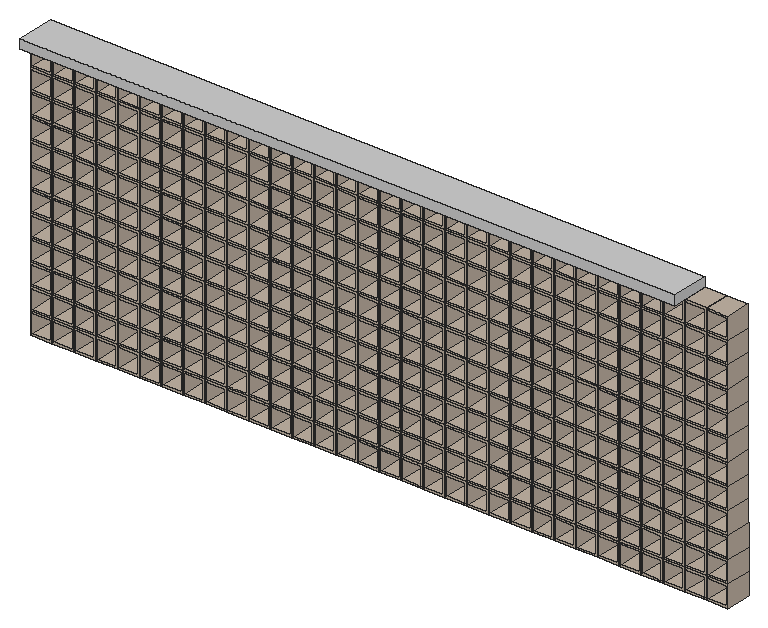
Revit family "GNW_A3-6400mm-Air-Bricks", category Windows, host Wall, Revit 2016
Family settings
  Host = Wall
  Always vertical = Yes
  Cut with Voids When Loaded = No
  Shared = No
  Room Calculation Point = No
Parameters (values of type "6400mm Air Bricks")
  Height = 2485 mm
  Default Sill Height = 85 mm
  Wall Closure = By host
  Width = 6400 mm
  Construction Type = "AB09"
  Assembly Code = ""
Reference planes
  plane 1: y = 0
  plane 2 "Center (Left/Right)": x = 0
  plane 3 "Left": x = -3200
  plane 4 "Right": x = 3200
  plane 5 "Sill": z = 85
  plane 6 "Head": z = 2570
  plane 7 "Exterior": y = 172.5
  plane 8 "Interior": y = -172.5
Forms (mm)
  Extrusion 1, solid, material "Concrete - Cast In Situ"
    sketch origin (-3200, 0, 0) x (0, -1, 0) y (0, 0, 1)
      loop
        line (-172.5, 2570) -> (-172.5, 2485) -> (172.5, 2485) -> (172.5, 2570) -> (-172.5, 2570)
    from -6000 to 0
Lines and regions (mm)
  Opening 1
    outline origin (3500, -172.5, 0) x (1, 0, 0) y (0, 0, 1)
      loop
        line (-300, 85) -> (-300, 2570) -> (-6700, 2570) -> (-6700, 85) -> (-300, 85)
Text (mm)
  text "EXTERIOR" at (-1963.203, 1332.353, 0), in view "Ref. Level"
  text "INTERIOR" at (-1981.466, -818.386, 0), in view "Ref. Level"
  text "Exterior" at (0, 923.751, 2943.296), in view "Right"
  text "Exterior" at (0, 1040.484, 2685.409), in view "Left"
Dimensions and locks
  equal spacing: plane 3 "Left", plane 2 "Center (Left/Right)", plane 4 "Right"
  "Width": plane 3 "Left" to plane 4 "Right"
  "Height": plane 5 "Sill" to plane 6 "Head"
  "Default Sill Height": plane 5 "Sill" to level
  locked: plane 7 "Exterior" to host wall at 0
  locked: plane 8 "Interior" to host wall
  aligned: Extrusion 1 to host wall  (x2)
Automatic sketch dimensions
  Opening 1 sketch curve to plane 3 "Left" = 0 mm
  Opening 1 sketch curve to plane 4 "Right" = 0 mm
  Opening 1 sketch curve to plane 5 "Sill" = 0 mm
  Opening 1 sketch curve to plane 6 "Head" = 0 mm
  Extrusion 1 sketch curve to host wall = 0 mm  (x2)
  Extrusion 1 sketch curve to plane 6 "Head" = 0 mm
  plane 6 "Head" to Extrusion 1 sketch curve = 85 mm
Nested families
  nested 1: "Air Brick" at (-3000, 172.5, 85), type "Air Brick"
  nested 2: "Air Brick" at (-2800, 172.5, 85), type "Air Brick"
  nested 3: "Air Brick" at (-2600, 172.5, 85), type "Air Brick"
  nested 4: "Air Brick" at (-2400, 172.5, 85), type "Air Brick"
  nested 5: "Air Brick" at (-2200, 172.5, 85), type "Air Brick"
  nested 6: "Air Brick" at (-2000, 172.5, 85), type "Air Brick"
  nested 7: "Air Brick" at (-1800, 172.5, 85), type "Air Brick"
  nested 8: "Air Brick" at (-1600, 172.5, 85), type "Air Brick"
  nested 9: "Air Brick" at (-1400, 172.5, 85), type "Air Brick"
  nested 10: "Air Brick" at (-1200, 172.5, 85), type "Air Brick"
  nested 11: "Air Brick" at (-1000, 172.5, 85), type "Air Brick"
  nested 12: "Air Brick" at (-800, 172.5, 85), type "Air Brick"
  nested 13: "Air Brick" at (-600, 172.5, 85), type "Air Brick"
  nested 14: "Air Brick" at (-200, 172.5, 85), type "Air Brick"
  nested 15: "Air Brick" at (0, 172.5, 85), type "Air Brick"
  nested 16: "Air Brick" at (200, 172.5, 85), type "Air Brick"
  nested 17: "Air Brick" at (400, 172.5, 85), type "Air Brick"
  nested 18: "Air Brick" at (600, 172.5, 85), type "Air Brick"
  nested 19: "Air Brick" at (800, 172.5, 85), type "Air Brick"
  nested 20: "Air Brick" at (1000, 172.5, 85), type "Air Brick"
  nested 21: "Air Brick" at (1200, 172.5, 85), type "Air Brick"
  nested 22: "Air Brick" at (1400, 172.5, 85), type "Air Brick"
  nested 23: "Air Brick" at (1600, 172.5, 85), type "Air Brick"
  nested 24: "Air Brick" at (1800, 172.5, 85), type "Air Brick"
  nested 25: "Air Brick" at (2000, 172.5, 85), type "Air Brick"
  nested 26: "Air Brick" at (-400, 172.5, 85), type "Air Brick"
  nested 27: "Air Brick" at (2200, 172.5, 85), type "Air Brick"
  nested 28: "Air Brick" at (2400, 172.5, 85), type "Air Brick"
  nested 29: "Air Brick" at (2600, 172.5, 85), type "Air Brick"
  nested 30: "Air Brick" at (2800, 172.5, 85), type "Air Brick"
  nested 31: "Air Brick" at (-3000, 172.5, 285), type "Air Brick"
  nested 32: "Air Brick" at (-2800, 172.5, 285), type "Air Brick"
  nested 33: "Air Brick" at (-2600, 172.5, 285), type "Air Brick"
  nested 34: "Air Brick" at (-2400, 172.5, 285), type "Air Brick"
  nested 35: "Air Brick" at (-2200, 172.5, 285), type "Air Brick"
  nested 36: "Air Brick" at (-2000, 172.5, 285), type "Air Brick"
  nested 37: "Air Brick" at (-1800, 172.5, 285), type "Air Brick"
  nested 38: "Air Brick" at (-1600, 172.5, 285), type "Air Brick"
  nested 39: "Air Brick" at (-1400, 172.5, 285), type "Air Brick"
  nested 40: "Air Brick" at (-1200, 172.5, 285), type "Air Brick"
  nested 41: "Air Brick" at (-1000, 172.5, 285), type "Air Brick"
  nested 42: "Air Brick" at (-800, 172.5, 285), type "Air Brick"
  nested 43: "Air Brick" at (-600, 172.5, 285), type "Air Brick"
  nested 44: "Air Brick" at (-200, 172.5, 285), type "Air Brick"
  nested 45: "Air Brick" at (0, 172.5, 285), type "Air Brick"
  nested 46: "Air Brick" at (200, 172.5, 285), type "Air Brick"
  nested 47: "Air Brick" at (400, 172.5, 285), type "Air Brick"
  nested 48: "Air Brick" at (600, 172.5, 285), type "Air Brick"
  nested 49: "Air Brick" at (800, 172.5, 285), type "Air Brick"
  nested 50: "Air Brick" at (1000, 172.5, 285), type "Air Brick"
  nested 51: "Air Brick" at (1200, 172.5, 285), type "Air Brick"
  nested 52: "Air Brick" at (1400, 172.5, 285), type "Air Brick"
  nested 53: "Air Brick" at (1600, 172.5, 285), type "Air Brick"
  nested 54: "Air Brick" at (1800, 172.5, 285), type "Air Brick"
  nested 55: "Air Brick" at (2000, 172.5, 285), type "Air Brick"
  nested 56: "Air Brick" at (-400, 172.5, 285), type "Air Brick"
  nested 57: "Air Brick" at (2200, 172.5, 285), type "Air Brick"
  nested 58: "Air Brick" at (2400, 172.5, 285), type "Air Brick"
  nested 59: "Air Brick" at (2600, 172.5, 285), type "Air Brick"
  nested 60: "Air Brick" at (2800, 172.5, 285), type "Air Brick"
  nested 61: "Air Brick" at (-3000, 172.5, 485), type "Air Brick"
  nested 62: "Air Brick" at (-2800, 172.5, 485), type "Air Brick"
  nested 63: "Air Brick" at (-2600, 172.5, 485), type "Air Brick"
  nested 64: "Air Brick" at (-2400, 172.5, 485), type "Air Brick"
  nested 65: "Air Brick" at (-2200, 172.5, 485), type "Air Brick"
  nested 66: "Air Brick" at (-2000, 172.5, 485), type "Air Brick"
  nested 67: "Air Brick" at (-1800, 172.5, 485), type "Air Brick"
  nested 68: "Air Brick" at (-1600, 172.5, 485), type "Air Brick"
  nested 69: "Air Brick" at (-1400, 172.5, 485), type "Air Brick"
  nested 70: "Air Brick" at (-1200, 172.5, 485), type "Air Brick"
  nested 71: "Air Brick" at (-1000, 172.5, 485), type "Air Brick"
  nested 72: "Air Brick" at (-800, 172.5, 485), type "Air Brick"
  nested 73: "Air Brick" at (-600, 172.5, 485), type "Air Brick"
  nested 74: "Air Brick" at (-200, 172.5, 485), type "Air Brick"
  nested 75: "Air Brick" at (0, 172.5, 485), type "Air Brick"
  nested 76: "Air Brick" at (200, 172.5, 485), type "Air Brick"
  nested 77: "Air Brick" at (400, 172.5, 485), type "Air Brick"
  nested 78: "Air Brick" at (600, 172.5, 485), type "Air Brick"
  nested 79: "Air Brick" at (800, 172.5, 485), type "Air Brick"
  nested 80: "Air Brick" at (1000, 172.5, 485), type "Air Brick"
  nested 81: "Air Brick" at (1200, 172.5, 485), type "Air Brick"
  nested 82: "Air Brick" at (1400, 172.5, 485), type "Air Brick"
  nested 83: "Air Brick" at (1600, 172.5, 485), type "Air Brick"
  nested 84: "Air Brick" at (1800, 172.5, 485), type "Air Brick"
  nested 85: "Air Brick" at (2000, 172.5, 485), type "Air Brick"
  nested 86: "Air Brick" at (-400, 172.5, 485), type "Air Brick"
  nested 87: "Air Brick" at (2200, 172.5, 485), type "Air Brick"
  nested 88: "Air Brick" at (2400, 172.5, 485), type "Air Brick"
  nested 89: "Air Brick" at (2600, 172.5, 485), type "Air Brick"
  nested 90: "Air Brick" at (2800, 172.5, 485), type "Air Brick"
  nested 91: "Air Brick" at (-3000, 172.5, 685), type "Air Brick"
  nested 92: "Air Brick" at (-2800, 172.5, 685), type "Air Brick"
  nested 93: "Air Brick" at (-2600, 172.5, 685), type "Air Brick"
  nested 94: "Air Brick" at (-2400, 172.5, 685), type "Air Brick"
  nested 95: "Air Brick" at (-2200, 172.5, 685), type "Air Brick"
  nested 96: "Air Brick" at (-2000, 172.5, 685), type "Air Brick"
  nested 97: "Air Brick" at (-1800, 172.5, 685), type "Air Brick"
  nested 98: "Air Brick" at (-1600, 172.5, 685), type "Air Brick"
  nested 99: "Air Brick" at (-1400, 172.5, 685), type "Air Brick"
  nested 100: "Air Brick" at (-1200, 172.5, 685), type "Air Brick"
  nested 101: "Air Brick" at (-1000, 172.5, 685), type "Air Brick"
  nested 102: "Air Brick" at (-800, 172.5, 685), type "Air Brick"
  nested 103: "Air Brick" at (-600, 172.5, 685), type "Air Brick"
  nested 104: "Air Brick" at (-200, 172.5, 685), type "Air Brick"
  nested 105: "Air Brick" at (0, 172.5, 685), type "Air Brick"
  nested 106: "Air Brick" at (200, 172.5, 685), type "Air Brick"
  nested 107: "Air Brick" at (400, 172.5, 685), type "Air Brick"
  nested 108: "Air Brick" at (600, 172.5, 685), type "Air Brick"
  nested 109: "Air Brick" at (800, 172.5, 685), type "Air Brick"
  nested 110: "Air Brick" at (1000, 172.5, 685), type "Air Brick"
  nested 111: "Air Brick" at (1200, 172.5, 685), type "Air Brick"
  nested 112: "Air Brick" at (1400, 172.5, 685), type "Air Brick"
  nested 113: "Air Brick" at (1600, 172.5, 685), type "Air Brick"
  nested 114: "Air Brick" at (1800, 172.5, 685), type "Air Brick"
  nested 115: "Air Brick" at (2000, 172.5, 685), type "Air Brick"
  nested 116: "Air Brick" at (-400, 172.5, 685), type "Air Brick"
  nested 117: "Air Brick" at (2200, 172.5, 685), type "Air Brick"
  nested 118: "Air Brick" at (2400, 172.5, 685), type "Air Brick"
  nested 119: "Air Brick" at (2600, 172.5, 685), type "Air Brick"
  nested 120: "Air Brick" at (2800, 172.5, 685), type "Air Brick"
  nested 121: "Air Brick" at (-3000, 172.5, 885), type "Air Brick"
  nested 122: "Air Brick" at (-2800, 172.5, 885), type "Air Brick"
  nested 123: "Air Brick" at (-2600, 172.5, 885), type "Air Brick"
  nested 124: "Air Brick" at (-2400, 172.5, 885), type "Air Brick"
  nested 125: "Air Brick" at (-2200, 172.5, 885), type "Air Brick"
  nested 126: "Air Brick" at (-2000, 172.5, 885), type "Air Brick"
  nested 127: "Air Brick" at (-1800, 172.5, 885), type "Air Brick"
  nested 128: "Air Brick" at (-1600, 172.5, 885), type "Air Brick"
  nested 129: "Air Brick" at (-1400, 172.5, 885), type "Air Brick"
  nested 130: "Air Brick" at (-1200, 172.5, 885), type "Air Brick"
  nested 131: "Air Brick" at (-1000, 172.5, 885), type "Air Brick"
  nested 132: "Air Brick" at (-800, 172.5, 885), type "Air Brick"
  nested 133: "Air Brick" at (-600, 172.5, 885), type "Air Brick"
  nested 134: "Air Brick" at (-200, 172.5, 885), type "Air Brick"
  nested 135: "Air Brick" at (0, 172.5, 885), type "Air Brick"
  nested 136: "Air Brick" at (200, 172.5, 885), type "Air Brick"
  nested 137: "Air Brick" at (400, 172.5, 885), type "Air Brick"
  nested 138: "Air Brick" at (600, 172.5, 885), type "Air Brick"
  nested 139: "Air Brick" at (800, 172.5, 885), type "Air Brick"
  nested 140: "Air Brick" at (1000, 172.5, 885), type "Air Brick"
  nested 141: "Air Brick" at (1200, 172.5, 885), type "Air Brick"
  nested 142: "Air Brick" at (1400, 172.5, 885), type "Air Brick"
  nested 143: "Air Brick" at (1600, 172.5, 885), type "Air Brick"
  nested 144: "Air Brick" at (1800, 172.5, 885), type "Air Brick"
  nested 145: "Air Brick" at (2000, 172.5, 885), type "Air Brick"
  nested 146: "Air Brick" at (-400, 172.5, 885), type "Air Brick"
  nested 147: "Air Brick" at (2200, 172.5, 885), type "Air Brick"
  nested 148: "Air Brick" at (2400, 172.5, 885), type "Air Brick"
  nested 149: "Air Brick" at (2600, 172.5, 885), type "Air Brick"
  nested 150: "Air Brick" at (2800, 172.5, 885), type "Air Brick"
  nested 151: "Air Brick" at (-3000, 172.5, 1085), type "Air Brick"
  nested 152: "Air Brick" at (-2800, 172.5, 1085), type "Air Brick"
  nested 153: "Air Brick" at (-2600, 172.5, 1085), type "Air Brick"
  nested 154: "Air Brick" at (-2400, 172.5, 1085), type "Air Brick"
  nested 155: "Air Brick" at (-2200, 172.5, 1085), type "Air Brick"
  nested 156: "Air Brick" at (-2000, 172.5, 1085), type "Air Brick"
  nested 157: "Air Brick" at (-1800, 172.5, 1085), type "Air Brick"
  nested 158: "Air Brick" at (-1600, 172.5, 1085), type "Air Brick"
  nested 159: "Air Brick" at (-1400, 172.5, 1085), type "Air Brick"
  nested 160: "Air Brick" at (-1200, 172.5, 1085), type "Air Brick"
  nested 161: "Air Brick" at (-1000, 172.5, 1085), type "Air Brick"
  nested 162: "Air Brick" at (-800, 172.5, 1085), type "Air Brick"
  nested 163: "Air Brick" at (-600, 172.5, 1085), type "Air Brick"
  nested 164: "Air Brick" at (-200, 172.5, 1085), type "Air Brick"
  nested 165: "Air Brick" at (0, 172.5, 1085), type "Air Brick"
  nested 166: "Air Brick" at (200, 172.5, 1085), type "Air Brick"
  nested 167: "Air Brick" at (400, 172.5, 1085), type "Air Brick"
  nested 168: "Air Brick" at (600, 172.5, 1085), type "Air Brick"
  nested 169: "Air Brick" at (800, 172.5, 1085), type "Air Brick"
  nested 170: "Air Brick" at (1000, 172.5, 1085), type "Air Brick"
  nested 171: "Air Brick" at (1200, 172.5, 1085), type "Air Brick"
  nested 172: "Air Brick" at (1400, 172.5, 1085), type "Air Brick"
  nested 173: "Air Brick" at (1600, 172.5, 1085), type "Air Brick"
  nested 174: "Air Brick" at (1800, 172.5, 1085), type "Air Brick"
  nested 175: "Air Brick" at (2000, 172.5, 1085), type "Air Brick"
  nested 176: "Air Brick" at (-400, 172.5, 1085), type "Air Brick"
  nested 177: "Air Brick" at (2200, 172.5, 1085), type "Air Brick"
  nested 178: "Air Brick" at (2400, 172.5, 1085), type "Air Brick"
  nested 179: "Air Brick" at (2600, 172.5, 1085), type "Air Brick"
  nested 180: "Air Brick" at (2800, 172.5, 1085), type "Air Brick"
  nested 181: "Air Brick" at (-3000, 172.5, 1285), type "Air Brick"
  nested 182: "Air Brick" at (-2800, 172.5, 1285), type "Air Brick"
  nested 183: "Air Brick" at (-2600, 172.5, 1285), type "Air Brick"
  nested 184: "Air Brick" at (-2400, 172.5, 1285), type "Air Brick"
  nested 185: "Air Brick" at (-2200, 172.5, 1285), type "Air Brick"
  nested 186: "Air Brick" at (-2000, 172.5, 1285), type "Air Brick"
  nested 187: "Air Brick" at (-1800, 172.5, 1285), type "Air Brick"
  nested 188: "Air Brick" at (-1600, 172.5, 1285), type "Air Brick"
  nested 189: "Air Brick" at (-1400, 172.5, 1285), type "Air Brick"
  nested 190: "Air Brick" at (-1200, 172.5, 1285), type "Air Brick"
  nested 191: "Air Brick" at (-1000, 172.5, 1285), type "Air Brick"
  nested 192: "Air Brick" at (-800, 172.5, 1285), type "Air Brick"
  nested 193: "Air Brick" at (-600, 172.5, 1285), type "Air Brick"
  nested 194: "Air Brick" at (-200, 172.5, 1285), type "Air Brick"
  nested 195: "Air Brick" at (0, 172.5, 1285), type "Air Brick"
  nested 196: "Air Brick" at (200, 172.5, 1285), type "Air Brick"
  nested 197: "Air Brick" at (400, 172.5, 1285), type "Air Brick"
  nested 198: "Air Brick" at (600, 172.5, 1285), type "Air Brick"
  nested 199: "Air Brick" at (800, 172.5, 1285), type "Air Brick"
  nested 200: "Air Brick" at (1000, 172.5, 1285), type "Air Brick"
  nested 201: "Air Brick" at (1200, 172.5, 1285), type "Air Brick"
  nested 202: "Air Brick" at (1400, 172.5, 1285), type "Air Brick"
  nested 203: "Air Brick" at (1600, 172.5, 1285), type "Air Brick"
  nested 204: "Air Brick" at (1800, 172.5, 1285), type "Air Brick"
  nested 205: "Air Brick" at (2000, 172.5, 1285), type "Air Brick"
  nested 206: "Air Brick" at (-400, 172.5, 1285), type "Air Brick"
  nested 207: "Air Brick" at (2200, 172.5, 1285), type "Air Brick"
  nested 208: "Air Brick" at (2400, 172.5, 1285), type "Air Brick"
  nested 209: "Air Brick" at (2600, 172.5, 1285), type "Air Brick"
  nested 210: "Air Brick" at (2800, 172.5, 1285), type "Air Brick"
  nested 211: "Air Brick" at (-3000, 172.5, 1485), type "Air Brick"
  nested 212: "Air Brick" at (-2800, 172.5, 1485), type "Air Brick"
  nested 213: "Air Brick" at (-2600, 172.5, 1485), type "Air Brick"
  nested 214: "Air Brick" at (-2400, 172.5, 1485), type "Air Brick"
  nested 215: "Air Brick" at (-2200, 172.5, 1485), type "Air Brick"
  nested 216: "Air Brick" at (-2000, 172.5, 1485), type "Air Brick"
  nested 217: "Air Brick" at (-1800, 172.5, 1485), type "Air Brick"
  nested 218: "Air Brick" at (-1600, 172.5, 1485), type "Air Brick"
  nested 219: "Air Brick" at (-1400, 172.5, 1485), type "Air Brick"
  nested 220: "Air Brick" at (-1200, 172.5, 1485), type "Air Brick"
  nested 221: "Air Brick" at (-1000, 172.5, 1485), type "Air Brick"
  nested 222: "Air Brick" at (-800, 172.5, 1485), type "Air Brick"
  nested 223: "Air Brick" at (-600, 172.5, 1485), type "Air Brick"
  nested 224: "Air Brick" at (-200, 172.5, 1485), type "Air Brick"
  nested 225: "Air Brick" at (0, 172.5, 1485), type "Air Brick"
  nested 226: "Air Brick" at (200, 172.5, 1485), type "Air Brick"
  nested 227: "Air Brick" at (400, 172.5, 1485), type "Air Brick"
  nested 228: "Air Brick" at (600, 172.5, 1485), type "Air Brick"
  nested 229: "Air Brick" at (800, 172.5, 1485), type "Air Brick"
  nested 230: "Air Brick" at (1000, 172.5, 1485), type "Air Brick"
  nested 231: "Air Brick" at (1200, 172.5, 1485), type "Air Brick"
  nested 232: "Air Brick" at (1400, 172.5, 1485), type "Air Brick"
  nested 233: "Air Brick" at (1600, 172.5, 1485), type "Air Brick"
  nested 234: "Air Brick" at (1800, 172.5, 1485), type "Air Brick"
  nested 235: "Air Brick" at (2000, 172.5, 1485), type "Air Brick"
  nested 236: "Air Brick" at (-400, 172.5, 1485), type "Air Brick"
  nested 237: "Air Brick" at (2200, 172.5, 1485), type "Air Brick"
  nested 238: "Air Brick" at (2400, 172.5, 1485), type "Air Brick"
  nested 239: "Air Brick" at (2600, 172.5, 1485), type "Air Brick"
  nested 240: "Air Brick" at (2800, 172.5, 1485), type "Air Brick"
  nested 241: "Air Brick" at (-3000, 172.5, 1685), type "Air Brick"
  nested 242: "Air Brick" at (-2800, 172.5, 1685), type "Air Brick"
  nested 243: "Air Brick" at (-2600, 172.5, 1685), type "Air Brick"
  nested 244: "Air Brick" at (-2400, 172.5, 1685), type "Air Brick"
  nested 245: "Air Brick" at (-2200, 172.5, 1685), type "Air Brick"
  nested 246: "Air Brick" at (-2000, 172.5, 1685), type "Air Brick"
  nested 247: "Air Brick" at (-1800, 172.5, 1685), type "Air Brick"
  nested 248: "Air Brick" at (-1600, 172.5, 1685), type "Air Brick"
  nested 249: "Air Brick" at (-1400, 172.5, 1685), type "Air Brick"
  nested 250: "Air Brick" at (-1200, 172.5, 1685), type "Air Brick"
  nested 251: "Air Brick" at (-1000, 172.5, 1685), type "Air Brick"
  nested 252: "Air Brick" at (-800, 172.5, 1685), type "Air Brick"
  nested 253: "Air Brick" at (-600, 172.5, 1685), type "Air Brick"
  nested 254: "Air Brick" at (-200, 172.5, 1685), type "Air Brick"
  nested 255: "Air Brick" at (0, 172.5, 1685), type "Air Brick"
  nested 256: "Air Brick" at (200, 172.5, 1685), type "Air Brick"
  nested 257: "Air Brick" at (400, 172.5, 1685), type "Air Brick"
  nested 258: "Air Brick" at (600, 172.5, 1685), type "Air Brick"
  nested 259: "Air Brick" at (800, 172.5, 1685), type "Air Brick"
  nested 260: "Air Brick" at (1000, 172.5, 1685), type "Air Brick"
  nested 261: "Air Brick" at (1200, 172.5, 1685), type "Air Brick"
  nested 262: "Air Brick" at (1400, 172.5, 1685), type "Air Brick"
  nested 263: "Air Brick" at (1600, 172.5, 1685), type "Air Brick"
  nested 264: "Air Brick" at (1800, 172.5, 1685), type "Air Brick"
  nested 265: "Air Brick" at (2000, 172.5, 1685), type "Air Brick"
  nested 266: "Air Brick" at (-400, 172.5, 1685), type "Air Brick"
  nested 267: "Air Brick" at (2200, 172.5, 1685), type "Air Brick"
  nested 268: "Air Brick" at (2400, 172.5, 1685), type "Air Brick"
  nested 269: "Air Brick" at (2600, 172.5, 1685), type "Air Brick"
  nested 270: "Air Brick" at (2800, 172.5, 1685), type "Air Brick"
  nested 271: "Air Brick" at (-3000, 172.5, 1885), type "Air Brick"
  nested 272: "Air Brick" at (-2800, 172.5, 1885), type "Air Brick"
  nested 273: "Air Brick" at (-2600, 172.5, 1885), type "Air Brick"
  nested 274: "Air Brick" at (-2400, 172.5, 1885), type "Air Brick"
  nested 275: "Air Brick" at (-2200, 172.5, 1885), type "Air Brick"
  nested 276: "Air Brick" at (-2000, 172.5, 1885), type "Air Brick"
  nested 277: "Air Brick" at (-1800, 172.5, 1885), type "Air Brick"
  nested 278: "Air Brick" at (-1600, 172.5, 1885), type "Air Brick"
  nested 279: "Air Brick" at (-1400, 172.5, 1885), type "Air Brick"
  nested 280: "Air Brick" at (-1200, 172.5, 1885), type "Air Brick"
  nested 281: "Air Brick" at (-1000, 172.5, 1885), type "Air Brick"
  nested 282: "Air Brick" at (-800, 172.5, 1885), type "Air Brick"
  nested 283: "Air Brick" at (-600, 172.5, 1885), type "Air Brick"
  nested 284: "Air Brick" at (-200, 172.5, 1885), type "Air Brick"
  nested 285: "Air Brick" at (0, 172.5, 1885), type "Air Brick"
  nested 286: "Air Brick" at (200, 172.5, 1885), type "Air Brick"
  nested 287: "Air Brick" at (400, 172.5, 1885), type "Air Brick"
  nested 288: "Air Brick" at (600, 172.5, 1885), type "Air Brick"
  nested 289: "Air Brick" at (800, 172.5, 1885), type "Air Brick"
  nested 290: "Air Brick" at (1000, 172.5, 1885), type "Air Brick"
  nested 291: "Air Brick" at (1200, 172.5, 1885), type "Air Brick"
  nested 292: "Air Brick" at (1400, 172.5, 1885), type "Air Brick"
  nested 293: "Air Brick" at (1600, 172.5, 1885), type "Air Brick"
  nested 294: "Air Brick" at (1800, 172.5, 1885), type "Air Brick"
  nested 295: "Air Brick" at (2000, 172.5, 1885), type "Air Brick"
  nested 296: "Air Brick" at (-400, 172.5, 1885), type "Air Brick"
  nested 297: "Air Brick" at (2200, 172.5, 1885), type "Air Brick"
  nested 298: "Air Brick" at (2400, 172.5, 1885), type "Air Brick"
  nested 299: "Air Brick" at (2600, 172.5, 1885), type "Air Brick"
  nested 300: "Air Brick" at (2800, 172.5, 1885), type "Air Brick"
  nested 301: "Air Brick" at (-3000, 172.5, 2085), type "Air Brick"
  nested 302: "Air Brick" at (-2800, 172.5, 2085), type "Air Brick"
  nested 303: "Air Brick" at (-2600, 172.5, 2085), type "Air Brick"
  nested 304: "Air Brick" at (-2400, 172.5, 2085), type "Air Brick"
  nested 305: "Air Brick" at (-2200, 172.5, 2085), type "Air Brick"
  nested 306: "Air Brick" at (-2000, 172.5, 2085), type "Air Brick"
  nested 307: "Air Brick" at (-1800, 172.5, 2085), type "Air Brick"
  nested 308: "Air Brick" at (-1600, 172.5, 2085), type "Air Brick"
  nested 309: "Air Brick" at (-1400, 172.5, 2085), type "Air Brick"
  nested 310: "Air Brick" at (-1200, 172.5, 2085), type "Air Brick"
  nested 311: "Air Brick" at (-1000, 172.5, 2085), type "Air Brick"
  nested 312: "Air Brick" at (-800, 172.5, 2085), type "Air Brick"
  nested 313: "Air Brick" at (-600, 172.5, 2085), type "Air Brick"
  nested 314: "Air Brick" at (-200, 172.5, 2085), type "Air Brick"
  nested 315: "Air Brick" at (0, 172.5, 2085), type "Air Brick"
  nested 316: "Air Brick" at (200, 172.5, 2085), type "Air Brick"
  nested 317: "Air Brick" at (400, 172.5, 2085), type "Air Brick"
  nested 318: "Air Brick" at (600, 172.5, 2085), type "Air Brick"
  nested 319: "Air Brick" at (800, 172.5, 2085), type "Air Brick"
  nested 320: "Air Brick" at (1000, 172.5, 2085), type "Air Brick"
  nested 321: "Air Brick" at (1200, 172.5, 2085), type "Air Brick"
  nested 322: "Air Brick" at (1400, 172.5, 2085), type "Air Brick"
  nested 323: "Air Brick" at (1600, 172.5, 2085), type "Air Brick"
  nested 324: "Air Brick" at (1800, 172.5, 2085), type "Air Brick"
  nested 325: "Air Brick" at (2000, 172.5, 2085), type "Air Brick"
  nested 326: "Air Brick" at (-400, 172.5, 2085), type "Air Brick"
  nested 327: "Air Brick" at (2200, 172.5, 2085), type "Air Brick"
  nested 328: "Air Brick" at (2400, 172.5, 2085), type "Air Brick"
  nested 329: "Air Brick" at (2600, 172.5, 2085), type "Air Brick"
  nested 330: "Air Brick" at (2800, 172.5, 2085), type "Air Brick"
  nested 331: "Air Brick" at (-3000, 172.5, 2285), type "Air Brick"
  nested 332: "Air Brick" at (-2800, 172.5, 2285), type "Air Brick"
  nested 333: "Air Brick" at (-2600, 172.5, 2285), type "Air Brick"
  nested 334: "Air Brick" at (-2400, 172.5, 2285), type "Air Brick"
  nested 335: "Air Brick" at (-2200, 172.5, 2285), type "Air Brick"
  nested 336: "Air Brick" at (-2000, 172.5, 2285), type "Air Brick"
  nested 337: "Air Brick" at (-1800, 172.5, 2285), type "Air Brick"
  nested 338: "Air Brick" at (-1600, 172.5, 2285), type "Air Brick"
  nested 339: "Air Brick" at (-1400, 172.5, 2285), type "Air Brick"
  nested 340: "Air Brick" at (-1200, 172.5, 2285), type "Air Brick"
  nested 341: "Air Brick" at (-1000, 172.5, 2285), type "Air Brick"
  nested 342: "Air Brick" at (-800, 172.5, 2285), type "Air Brick"
  nested 343: "Air Brick" at (-600, 172.5, 2285), type "Air Brick"
  nested 344: "Air Brick" at (-200, 172.5, 2285), type "Air Brick"
  nested 345: "Air Brick" at (0, 172.5, 2285), type "Air Brick"
  nested 346: "Air Brick" at (200, 172.5, 2285), type "Air Brick"
  nested 347: "Air Brick" at (400, 172.5, 2285), type "Air Brick"
  nested 348: "Air Brick" at (600, 172.5, 2285), type "Air Brick"
  nested 349: "Air Brick" at (800, 172.5, 2285), type "Air Brick"
  nested 350: "Air Brick" at (1000, 172.5, 2285), type "Air Brick"
  nested 351: "Air Brick" at (1200, 172.5, 2285), type "Air Brick"
  nested 352: "Air Brick" at (1400, 172.5, 2285), type "Air Brick"
  nested 353: "Air Brick" at (1600, 172.5, 2285), type "Air Brick"
  nested 354: "Air Brick" at (1800, 172.5, 2285), type "Air Brick"
  nested 355: "Air Brick" at (2000, 172.5, 2285), type "Air Brick"
  nested 356: "Air Brick" at (-400, 172.5, 2285), type "Air Brick"
  nested 357: "Air Brick" at (2200, 172.5, 2285), type "Air Brick"
  nested 358: "Air Brick" at (2400, 172.5, 2285), type "Air Brick"
  nested 359: "Air Brick" at (2600, 172.5, 2285), type "Air Brick"
  nested 360: "Air Brick" at (2800, 172.5, 2285), type "Air Brick"
  nested 361: "Air Brick" at (-3200, 172.5, 85), type "Air Brick"
  nested 362: "Air Brick" at (-3200, 172.5, 285), type "Air Brick"
  nested 363: "Air Brick" at (-3200, 172.5, 485), type "Air Brick"
  nested 364: "Air Brick" at (-3200, 172.5, 685), type "Air Brick"
  nested 365: "Air Brick" at (-3200, 172.5, 885), type "Air Brick"
  nested 366: "Air Brick" at (-3200, 172.5, 1085), type "Air Brick"
  nested 367: "Air Brick" at (-3200, 172.5, 1285), type "Air Brick"
  nested 368: "Air Brick" at (-3200, 172.5, 1485), type "Air Brick"
  nested 369: "Air Brick" at (-3200, 172.5, 1685), type "Air Brick"
  nested 370: "Air Brick" at (-3200, 172.5, 1885), type "Air Brick"
  nested 371: "Air Brick" at (-3200, 172.5, 2085), type "Air Brick"
  nested 372: "Air Brick" at (-3200, 172.5, 2285), type "Air Brick"
  nested 373: "Air Brick" at (3000, 172.5, 85), type "Air Brick"
  nested 374: "Air Brick" at (3000, 172.5, 285), type "Air Brick"
  nested 375: "Air Brick" at (3000, 172.5, 485), type "Air Brick"
  nested 376: "Air Brick" at (3000, 172.5, 685), type "Air Brick"
  nested 377: "Air Brick" at (3000, 172.5, 885), type "Air Brick"
  nested 378: "Air Brick" at (3000, 172.5, 1085), type "Air Brick"
  nested 379: "Air Brick" at (3000, 172.5, 1285), type "Air Brick"
  nested 380: "Air Brick" at (3000, 172.5, 1485), type "Air Brick"
  nested 381: "Air Brick" at (3000, 172.5, 1685), type "Air Brick"
  nested 382: "Air Brick" at (3000, 172.5, 1885), type "Air Brick"
  nested 383: "Air Brick" at (3000, 172.5, 2085), type "Air Brick"
  nested 384: "Air Brick" at (3000, 172.5, 2285), type "Air Brick"
Definition of nested family "Air Brick"
  Reference planes
    plane 1 "Center (Front/Back)": y = 0
    plane 2: z = 0
    plane 3 "Center (Left/Right)": x = 0
  Forms (mm)
    Extrusion 1, solid
      sketch origin (0, 0, 0) x (1, 0, 0) y (0, 0, 1)
        loop
          line (0, 0) -> (200, 0) -> (200, 200) -> (0, 200) -> (0, 0)
        loop
          line (185, 185) -> (15, 185) -> (15, 15) -> (185, 15) -> (185, 185)
      from 0 to 230
